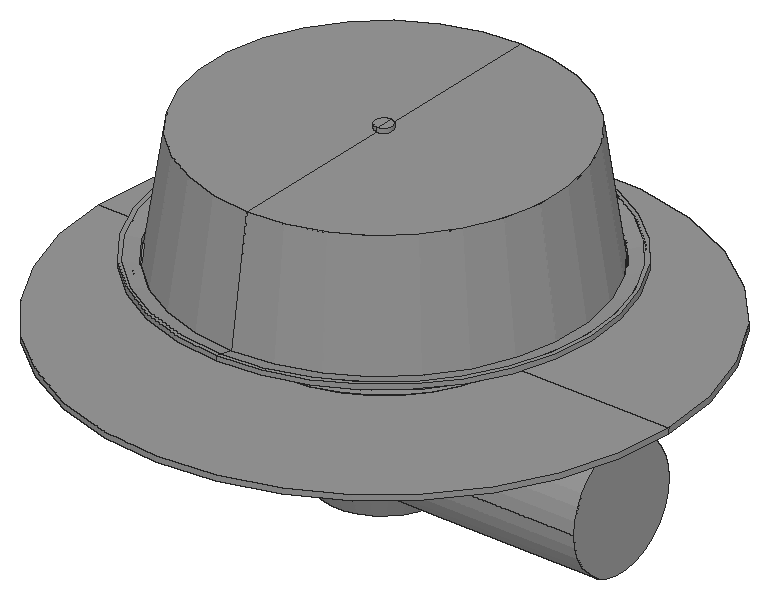
Revit family "HL_RU_Roof drain_HL64FPowerSafe-B-221103", category Instalační zařizovací předměty, Revit 2021
Family settings
  Kóta kulaté spojky = Použít průměr
  Typ dílu = Normální
  Číslo OmniClass = 23.70.50.21.24.14
  Nadpis OmniClass = Deck Waste Water Drains
  Založené na pracovní rovině = Ne
  Vždy vertikální = Ano
  Ořezat dutým tvarem při načtení = Ne
  Sdílené = Ne
  Bod výpočtu místnosti = Ano
Parameters
  РЕШЁТКА = "Laubfangkorb d 262 mm"
  РАЗМЕР = "DN75"
  ПРОПУСКНАЯ СПОСОБНОСТЬ [instance] = 0.0 L/s
  ПРОИЗВОДИТЕЛЬНОСТЬ = "l/s"
  ПРАВОВАЯ ИНФОРМАЦИЯ = "Авторские права(©), права на дизайн или какие либо другие права интелектуальной собственности являются исключительной собственностью компании HL Hutterer & Lechner. Изменению не подлежит. Файл семейства с данными о прозводителе изделия защищен паролем с водяным знаком."
  НОМИНАЛЬНЫЙ ДИАМЕТР = 75 mm
  МАТЕРИАЛ = "PP"
  ВЫСОТА МОНТАЖА = "93 mm"
  ВЕС = "3,01 [kg]"
  Výchozí výška = 0 mm
  Výrobce = "HL Hutterer & Lechner GmbH"  # constant formula
  URL = "http://www.hutterer-lechner.com/ru/products/catalog/roof-drains/HL64FPowerSafe.aspx"
  Материал плитка [instance] = none
  Přípoj ventilace = no
  Přípoj odpadních dílů = yes
  Přípoj HW = no
  Přípoj CW = no
  Popis = "Кровельные воронки"
  Model = "HL64FPowerSafe"
  Komentáře k typům = "HL64FPowerSafe, Воронка для водостока с отсекателем воздуха, с корпусом из ПП DN75"
  Keynote = "HL64FPowerSafe"
  EAN = "9003076040865"
  Bысота монтажа [instance] = 28 mm  # constant formula
  G [instance] = 90.00°  # constant formula
  D [instance] = 150 mm
  C [instance] = if(Bысота монтажа - 68 mm < 0 mm, 0 mm, Bысота монтажа - 68 mm)  # 0 mm
  B [instance] = Bысота монтажа + 55 mm  # 83 mm
  A [instance] = if(B - 100 mm > 15 mm, B - 100 mm, 15 mm)  # 15 mm
Reference planes
  plane 1 "Center (Front/Back)": y = 0
  plane 2: z = 0
  plane 3 "Center (Left/Right)": x = 0
  plane 4: z = -83
  plane 5: z = -28
Lines and regions (mm)
  model lines, style "InvisibleLines"
    curve 1: line (0, 0, 0) -> (0, 0, 20)
  model lines, style "PlumbingFixtures", detail levels coarse+medium
    curve 2: line (0, 0, -83) -> (0, 0, -68)
    curve 3: line (0, 0, -68) -> (-68, 0, 0)
    curve 4: line (0, 0, -68) -> (68, 0, 0)
    curve 6: line (0, 0, -83) -> (150, 0, -83)
  reference lines, not visible
    curve 5: line (0, 0, -83) -> (150, 0, -83)
  symbolic lines, style "PlumbingFixtures", detail levels coarse+medium
    curve 7: line (-75, 75, 0) -> (75, 75, 0)
    curve 8: line (-75, -75, 0) -> (-75, 75, 0)
    curve 9: line (75, -75, 0) -> (-75, -75, 0)
    curve 10: line (75, 75, 0) -> (75, -75, 0)
    curve 11: line (-75, 75, 0) -> (-145.711, 145.711, 0)
    curve 12: line (75, 75, 0) -> (145.711, 145.711, 0)
    curve 13: line (-75, -75, 0) -> (-145.711, -145.711, 0)
    curve 14: line (75, -75, 0) -> (145.711, -145.711, 0)
  symbolic lines, style "PlumbingFixtures", not visible, detail levels coarse+medium
    curve 15: line (-75, 75, 0) -> (75, 75, 0)
    curve 16: line (-75, -75, 0) -> (-75, 75, 0)
    curve 17: line (75, -75, 0) -> (-75, -75, 0)
    curve 18: line (75, 75, 0) -> (75, -75, 0)
    curve 19: line (-75, 75, 0) -> (-145.711, 145.711, 0)
    curve 20: line (75, 75, 0) -> (145.711, 145.711, 0)
    curve 21: line (-75, -75, 0) -> (-145.711, -145.711, 0)
    curve 22: line (75, -75, 0) -> (145.711, -145.711, 0)
Text (mm)
  text "FLOOR" at (-162.344, 0, -10.979), in view "Drain Construction View"
Dimensions and locks
  "B": plane 2 to plane 4
  "Bысота монтажа": plane 2 to plane 5
  "A": curve 4 to plane 4
  "D": curve 5 to curve 5
  "D": curve 6 to curve 6
  locked: curve 4 to plane 3 "Center (Left/Right)" (angle 45.00°)
  locked: plane 3 "Center (Left/Right)" to curve 3 (angle 45.00°)
  "G": angle curve 5 to plane 3 "Center (Left/Right)"
  aligned and locked: level to plane 2
  aligned and locked: plane 2 to curve 4
  aligned and locked: plane 2 to curve 3
  aligned and locked: plane 4 to curve 5
  aligned and locked: plane 3 "Center (Left/Right)" to curve 5
  aligned and locked: plane 4 to curve 2
  aligned and locked: plane 3 "Center (Left/Right)" to curve 6
  aligned and locked: plane 4 to curve 6
  aligned and locked: nested 1 to plane 5
  aligned and locked: plane 2 to nested 2
  aligned and locked: plane 3 "Center (Left/Right)" to nested 2
  aligned and locked: plane 3 "Center (Left/Right)" to nested 1
Automatic sketch dimensions
  curve 2 to plane 3 "Center (Left/Right)" = 0 mm
  curve 1 to plane 3 "Center (Left/Right)" = 0 mm
  curve 1 to level = 0 mm
  level to curve 1 = 20 mm
Nested families
  nested 1: "HL_кровельные воронки - корпус_HL64FPowerSafe" at (0, 0, -28), type "HL_кровельные воронки - корпус_HL64FPowerSafe"
  nested 2: "HL_Вспомогательные материалы-Противопожарная защита_HL062.1EPowerSafe" at (0, 0, 0), Bысота монтажа <- "Bысота монтажа", type "HL_Вспомогательные материалы-Противопожарная защита_HL062.1EPowerSafe"
    with L2 158 mm, L 49 mm, IHmin 28 mm, IHmax 68 mm, Bысота монтажа 28 mm
Connectors
  piping at (150, 0, -83), diameter 75, driven by "ПРОПУСКНАЯ СПОСОБНОСТЬ", driven by "НОМИНАЛЬНЫЙ ДИАМЕТР"
    settings: on curve 5, index 1, connector inside diameter 609.6 mm, connector length 0 mm, flow factor 0, pipe flow 0.0 L/s, pressure drop 0.0 Pa, fitting loss kfactor 0, connector angle 0.00°, fixture units 0, engagement length 0 mm, angle of deflection 0.00°, flow configuration 1, flow direction 2, fitting loss method 0, system type 16, joint type 0, gender type 0, connector reference index -1, connector utility 0, adjustable connector yes, is connector primary yes, connector description ""
Definition of nested family "HL_кровельные воронки - корпус_HL64FPowerSafe"
  Parameters (values of type "HL_кровельные воронки - корпус_HL64FPowerSafe")
    НОМИНАЛЬНЫЙ ДИАМЕТР = 50 mm
    Default Elevation = 0 mm
    Manufacturer = ""
    URL = ""
    Description = ""
    Model = ""
    Type Comments = ""
    Cost = 0
  Reference planes
    plane 1 "Střed (vpředu/vzadu)": y = 0
    plane 2: z = 0
    plane 3 "Střed (vlevo/vpravo)": x = 0
  Forms (mm)
    Revolve 1, solid, detail levels fine
      sketch origin (0, 0, 0) x (1, 0, 0) y (0, 0, 1)
        loop
          line (-180, -3.5) -> (-84, -3.5) -> (-84, -35) -> (-67.169, -35) -> (-36.596, -92.5) -> (0, -92.5) -> (0, -70.952) -> (-44.558, -70.952) -> (-65.535, -31.5) -> (-79.3, -31.5) -> (-79.3, 0) -> (-180, 0) -> (-180, -3.5)
        axis (0, 0) -> (0, -92.5)
      angle from 0 to 360
    Revolve 2, void
      sketch origin (0, 0, 0) x (1, 0, 0) y (0, 0, 1)
        loop
          line (-79.3, 0) -> (-79.3, -31.5) -> (-65.535, -31.5) -> (-44.074, -70.952) -> (0, -70.952) -> (0, 0) -> (-79.3, 0)
        axis (0, 0) -> (0, -70.952)
      angle from 0 to 360
    Extrusion 3, solid, detail levels fine
      sketch origin (0, 0, 0) x (0, 1, 0) y (0, 0, 1)
        loop
          circle (0, -55) r 37.5
      from 0 to 150
  Cuts and joins
    Revolve 2 cuts Revolve 1
    Revolve 2 cuts Extrusion 3
  Dimensions and locks
    aligned and locked: level to plane 2
Definition of nested family "HL_Вспомогательные материалы-Противопожарная защита_HL062.1EPowerSafe"
  Parameters (values of type "HL_Вспомогательные материалы-Противопожарная защита_HL062.1EPowerSafe")
    РЕШЁТКА = "Laubfangkorb d 262 mm"
    ПРАВОВАЯ ИНФОРМАЦИЯ = "Авторские права(©), права на дизайн или какие либо другие права интелектуальной собственности являются исключительной собственностью компании HL Hutterer & Lechner. Изменению не подлежит. Файл семейства с данными о прозводителе изделия защищен паролем с водяным знаком."
    МАТЕРИАЛ = "PP"
    ВЕС = "1,289 [kg]"
    Default Elevation = 0 mm
    Manufacturer = "HL Hutterer & Lechner GmbH"
    URL = "http://www.hutterer-lechner.com/ru/products/catalog/roof-drains/HL062.1EPowersafe.aspx"
    Материал плитка = none
    Description = "Кровельные воронки"
    Model = "HL062.1EPowerSafe"
    L2 [instance] = 158 mm
    L [instance] = if(Bысота монтажа < IHmin, -100 mm, if(Bысота монтажа > IHmax, -100 mm, Bысота монтажа + 21 mm))  # 49 mm
    Type Comments = "HL062.1EPowerSafe, Вставка в воронку для аварийного водоотведения"
    Keynote = "HL062.1EPowerSafe"
    Bысота монтажа [instance] = 28 mm
    IHmin [instance] = 28 mm
    IHmax [instance] = 68 mm
    EAN = "9003076040568"
    Cost = 0
  Reference planes
    plane 1 "Střed (vpředu/vzadu)": y = 0
    plane 2: z = 0
    plane 3 "Střed (vlevo/vpravo)": x = 0
  Forms (mm)
    Revolve 1, solid, detail levels fine
      sketch origin (0, 0, 0) x (0, 1, 0) y (0, 0, 1)
        loop
          line (0, -66.5) -> (62.442, -66.5) -> (64.508, -64.434) -> (64.508, -0.792) -> (68.942, 3.642) -> (119.719, 3.642) -> (108.539, 78.674) -> (5.325, 78.674) -> (5.325, 81.183) -> (0, 81.183) -> (0, -66.5)
        axis (0, 81.183) -> (0, -66.5)
      angle from 0 to 360
    Revolve 2, solid, detail levels fine
      sketch origin (0, 68.849, -57.5) x (0, -1, 0) y (0, 0, -1)
        loop
          line (4.265, -44.566) -> (4.265, 0) -> (0, 0) -> (0, -3.5) -> (-5.643, -3.5) -> (-10.659, -10.663) -> (-10.659, -29.5) -> (-0.659, -29.5) -> (-0.659, -44.566) -> (4.265, -44.566)
        axis (68.849, -44.566) -> (68.849, 0)
      angle from 0 to 360
    Revolve 3, solid, detail levels fine
      sketch origin (0, 0, 0) x (0, 1, 0) y (0, 0, 1)
        loop
          line (64.584, -4.434) -> (65.451, -4.434) -> (69.885, 0) -> (124.039, 0) -> (124.771, 2.936) -> (131.655, 4.399) -> (131.655, 7.41) -> (129.286, 7.41) -> (120.568, 5.557) -> (120.568, 3.642) -> (69.732, 3.642) -> (64.584, -0.993) -> (64.584, -4.434)
        axis (0, 7.41) -> (0, -4.434)
      angle from 0 to 360
  Lines and regions (mm)
    reference lines
      curve 1: line (0, 68.849, -49) -> (0, -216.151, -49)
  Dimensions and locks
    "L": curve 1 to plane 2
    aligned and locked: level to plane 2
  Automatic sketch dimensions
    Revolve 2 sketch curve to curve 1 = 8.5 mm
    Revolve 2 sketch curve to curve 1 = 0 mm
    curve 1 to Revolve 2 sketch curve = 5 mm
    Revolve 2 sketch curve to curve 1 = 0.659 mm
    Revolve 2 sketch curve to curve 1 = 5.643 mm
    Revolve 2 sketch curve to Revolve 2 sketch curve = 5.016 mm
    curve 1 to Revolve 2 sketch curve = 4.265 mm
    Revolve 2 sketch curve to Revolve 2 sketch curve = 7.163 mm
    Revolve 2 sketch curve to curve 1 = 21 mm
    Revolve 2 sketch curve to curve 1 = 36.066 mm
    curve 1 to Revolve 2 sketch curve = 68.849 mm
    Revolve 2 sketch curve to curve 1 = 340.5 mm
    curve 1 to Revolve 2 sketch curve = 259.5 mm
    Revolve 1 sketch curve to plane 1 "Střed (vpředu/vzadu)" = 0 mm  (x2)
    Revolve 1 sketch curve to plane 1 "Střed (vpředu/vzadu)" = 5.325 mm
    Revolve 1 sketch curve to plane 1 "Střed (vpředu/vzadu)" = 62.442 mm
    Revolve 1 sketch curve to level = 0.792 mm
    Revolve 1 sketch curve to plane 1 "Střed (vpředu/vzadu)" = 64.508 mm
    Revolve 1 sketch curve to Revolve 1 sketch curve = 4.434 mm
    Revolve 1 sketch curve to Revolve 1 sketch curve = 39.597 mm
    Revolve 1 sketch curve to Revolve 1 sketch curve = 63.642 mm
    Revolve 1 sketch curve to Revolve 1 sketch curve = 2.066 mm
    level to Revolve 1 sketch curve = 78.674 mm
    Revolve 1 sketch curve to Revolve 1 sketch curve = 2.51 mm
    Revolve 1 sketch curve to Revolve 1 sketch curve = 50.777 mm
    level to Revolve 1 sketch curve = 3.642 mm
    Revolve 1 sketch curve to Revolve 1 sketch curve = 10 mm
    Revolve 1 sketch curve to Revolve 1 sketch curve = 25 mm
    level to Revolve 3 sketch curve = 0 mm
    Revolve 3 sketch curve to level = 4.434 mm
    Revolve 3 sketch curve to plane 1 "Střed (vpředu/vzadu)" = 65.451 mm
    level to Revolve 3 sketch curve = 3.642 mm
    Revolve 3 sketch curve to Revolve 3 sketch curve = 4.28 mm
    Revolve 3 sketch curve to Revolve 3 sketch curve = 0.154 mm
    level to Revolve 3 sketch curve = 5.557 mm
    Revolve 3 sketch curve to Revolve 3 sketch curve = 50.836 mm
    Revolve 3 sketch curve to Revolve 3 sketch curve = 3.471 mm
    level to Revolve 3 sketch curve = 2.936 mm
    Revolve 3 sketch curve to Revolve 3 sketch curve = 0.732 mm
    level to Revolve 3 sketch curve = 7.41 mm
    Revolve 3 sketch curve to Revolve 3 sketch curve = 4.515 mm
    Revolve 3 sketch curve to Revolve 3 sketch curve = 2.369 mm
    Revolve 3 sketch curve to Revolve 3 sketch curve = 3.011 mm
    Revolve 3 sketch curve to Revolve 3 sketch curve = 0.867 mm
    Revolve 3 sketch curve to level = 0.993 mm
    plane 1 "Střed (vpředu/vzadu)" to curve 1 = 216.151 mm
    curve 1 to plane 1 "Střed (vpředu/vzadu)" = 68.849 mm
